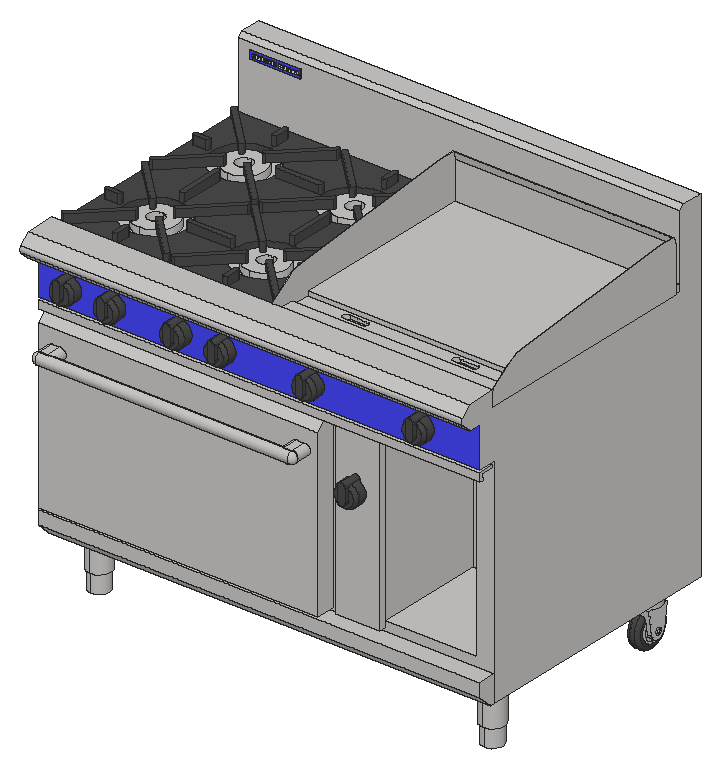
Revit family "QF_MOFFAT_BLUESEAL_CE_G58B", category Specialty Equipment, Revit 2012
Parameters
  Width = 1200 mm
  Weight in Pounds = 584
  Watts = 130 W
  Volts = 230 V
  URL Cutsheet = "www.moffat.com"
  URL = "www.moffat.com"
  Type Mark [instance] = ""
  Status [instance] = ""
  Specification by User [instance] = ""
  Specification by Manufacturer = ""
  Show Logo [instance] = yes
  Show Clearance [instance] = yes
  Show Casters [instance] = yes
  Serial Number = ""
  Seismic Rating = ""
  SMACNA No = ""
  Revision Code [instance] = ""
  Phase = 1
  Omniclass Number and Title = ""
  Number of Poles [instance] = 1
  NAFEM Spec ID Number = ""
  Model = "G58B"
  Min Ckt Ampacity = 0 A
  Mechanical Remarks = ""
  Mechanical Connection Type [instance] = ""
  Max Overcurrent Protection = 0 A
  Masterspec = ""
  Manufacturer = "MOFFAT BLUESEAL"
  Legs [instance] = not(Show Casters)  # no
  Item Number [instance] = ""
  Installed By [instance] = ""
  Identify Quantity as Lot [instance] = yes
  Height = 970 mm
  HP = ""
  Gas Size = 3/4"
  Gas RI Height [instance] = 0 mm
  Gas KW [instance] = 49
  Gas Input [instance] = 167000.0 Btu/h
  Gas Connection Height = 0 mm
  Furnished By [instance] = ""
  Foodservice Equipment Identifier [instance] = yes
  FL Amps = 0.6 A
  Electrical Remarks = ""
  Electric Connection Type = ""
  Elec Conn RI Height = 0 mm
  Elec Conn Connection Height = 0 mm
  Description = "1200MM GAS RANGE WITH CONVECTION OVEN"
  Depth = 812 mm
  Cycle = 60 Hz
  Conn Plug = ""
  Conn Conduit = yes
  CSI MasterFormat = ""
  CSI Master Format = ""
  Body Finish = QF_Finishes_Stainless Steel
  Apparent Power = 0 VA
Reference planes
  plane 1 "BACK": y = 0
  plane 2: z = 0
  plane 3 "LEFT": x = 0
  plane 4 "RIGHT": x = 1200
  plane 5 "FRONT": y = -812
  plane 6 "TOP": z = 970
  plane 7 "Center Y": x = 600
  plane 8 "Center X": y = -406
  plane 9: x = 280
  plane 10: y = -574.272
  plane 11: x = 60
  plane 12: y = -304.972
  plane 13: y = -364.972
  plane 14: x = 74
  plane 15: y = -812
  plane 16: x = 1134.5
  plane 17: y = -32
  plane 18: z = 655
  plane 19: x = 65.5
  plane 20: x = 65.8
  plane 21: z = 1085
  plane 22: y = -705
Forms (mm)
  Extrusion 1, solid, material "QF_Finishes_Stainless Steel" <- "Body Finish"
    sketch origin (0, 0, 0) x (0, 1, 0) y (0, 0, 1)
      loop
        line (0, 150) -> (0, 1085) -> (-57.5, 1085) -> (-70, 1072.5) -> (-70, 875) -> (-705, 875) -> (-705, 915) -> (-783.97, 915) -> (-808.49, 890.48)
        arc (-808.49, 890.48) -> (-812.002, 882) -> (-808.49, 873.52) r 11.993
        line (-808.49, 873.52) -> (-784.97, 850) -> (-749, 850) -> (-749, 740) -> (-699, 740) -> (-699, 150) -> (0, 150)
      loop
        line (-749, 222.5) -> (-749, 186) -> (-713.071, 150.071) -> (-703.2, 150.071) -> (-703.2, 222.5) -> (-749, 222.5)
      loop
        line (-749, 710) -> (-740.224, 710) -> (-742.613, 726.999) -> (-707.93, 726.999) -> (-707.93, 734.003) -> (-749, 734.003) -> (-749, 710)
    from 0 to 1200
  Extrusion 2, solid, material "QF_Finishes_Stainless Steel"
    sketch origin (0, 7, 0) x (0, 1, 0) y (0, 0, 1)
      loop
        line (-706, 700) -> (-732, 700) -> (-756, 676) -> (-756, 227.5) -> (-706, 227.5) -> (-706, 700)
    from 0 to 760
  Extrusion 3, solid, material "QF_Finishes_Stainless Steel"
    sketch origin (723.5, 7, 0) x (0, 1, 0) y (0, 0, 1)
      loop
        line (-706, 700) -> (-721, 700) -> (-721, 227.5) -> (-706, 227.5) -> (-706, 700)
    from 56.898 to 176.5
  Revolve 4, solid, material "QF_Finishes_Stainless Steel" <- "Body Finish"
    sketch origin (1134.5, -696.126, 0) x (0, 1, 0) y (0, 0, -1)
      loop
        line (39.376, -150) -> (71.126, -150) -> (71.126, 0) -> (43.626, 0) -> (43.626, -50) -> (39.376, -50) -> (39.376, -150)
      axis (71.126, -150) -> (71.126, 0)
    angle from 0 to 360
  Revolve 5, solid, material "QF_Finishes_Stainless Steel" <- "Body Finish"
    sketch origin (65.5, -696.126, 0) x (0, 1, 0) y (0, 0, 1)
      loop
        line (39.376, 150) -> (39.376, 50) -> (43.626, 50) -> (43.626, 0) -> (71.126, 0) -> (71.126, 150) -> (39.376, 150)
      axis (71.126, 150) -> (71.126, 0)
    angle from 0 to 360
  Extrusion 6, solid, material "QF_Finishes_Stainless Steel"
    sketch origin (-64.5, 0, 325) x (1, 0, 0) y (0, 1, 0)
      loop
        circle (1134.5, -32) r 10
    from 330 to 374.856
  Extrusion 7, void
    sketch origin (0, -703.73, 150) x (0, 0, -1) y (-1, 0, 0)
      loop
        line (-526, -900) -> (-526, -1150) -> (-96, -1150) -> (-96, -900) -> (-526, -900)
    from 0 to 304.8
  Extrusion 8, solid, material "QF_Finishes_Black"
    sketch origin (0, -70, 875) x (0, -1, 0) y (1, 0, 0)
      loop
        arc (1, 4) -> (1.879, 1.879) -> (4, 1) r 3
        line (4, 1) -> (632, 1)
        arc (632, 1) -> (634.121, 1.879) -> (635, 4) r 3
        line (635, 4) -> (635, 597)
        arc (635, 597) -> (634.121, 599.121) -> (632, 600) r 3
        line (632, 600) -> (4, 600)
        arc (4, 600) -> (1.879, 599.121) -> (1, 597) r 3
        line (1, 597) -> (1, 4)
      loop
        circle (167.5, 150) r 85
      loop
        circle (167.5, 450) r 85
      loop
        circle (467.768, 150) r 85
      loop
        circle (467.768, 450) r 85
    from 0 to 19.5
  Extrusion 9, solid, material "QF_Finishes_Black"
    sketch origin (0, -70, 894.5) x (0, -1, 0) y (1, 0, 0)
      loop
        spline (327.102, 15.153) -> (326.181, 13.924) -> (325.631, 12.47) -> (325.49, 10.89) -> (325.767, 9.292) -> (326.443, 7.786) -> (327.473, 6.473) -> (328.786, 5.443) -> (330.292, 4.767) -> (331.89, 4.49) -> (333.47, 4.631) -> (334.924, 5.181) -> (336.153, 6.102)
        line (336.153, 6.102) -> (444.076, 114.025)
        spline (444.076, 114.025) -> (444.837, 115.095) -> (445.238, 116.399) -> (445.251, 117.851) -> (444.875, 119.35) -> (444.137, 120.795) -> (443.086, 122.086) -> (441.795, 123.137) -> (440.35, 123.875) -> (438.851, 124.251) -> (437.399, 124.238) -> (436.095, 123.837) -> (435.025, 123.076)
        line (435.025, 123.076) -> (327.102, 15.153)
      loop
        line (611.398, 15.153) -> (503.475, 123.076)
        spline (503.475, 123.076) -> (502.405, 123.837) -> (501.101, 124.238) -> (499.649, 124.251) -> (498.15, 123.875) -> (496.705, 123.137) -> (495.414, 122.086) -> (494.363, 120.795) -> (493.625, 119.35) -> (493.249, 117.851) -> (493.262, 116.399) -> (493.663, 115.095) -> (494.424, 114.025)
        line (494.424, 114.025) -> (602.347, 6.102)
        spline (602.347, 6.102) -> (603.416, 5.341) -> (604.721, 4.941) -> (606.172, 4.928) -> (607.671, 5.303) -> (609.116, 6.041) -> (610.408, 7.092) -> (611.459, 8.384) -> (612.197, 9.829) -> (612.572, 11.328) -> (612.559, 12.779) -> (612.159, 14.084) -> (611.398, 15.153)
      loop
        spline (379.102, 143.6) -> (380.396, 143.818) -> (381.602, 144.457) -> (382.638, 145.475) -> (383.432, 146.8) -> (383.932, 148.344) -> (384.102, 150) -> (383.932, 151.656) -> (383.432, 153.2) -> (382.638, 154.525) -> (381.602, 155.543) -> (380.396, 156.182) -> (379.102, 156.4)
        line (379.102, 156.4) -> (259.398, 156.4)
        spline (259.398, 156.4) -> (258.104, 156.182) -> (256.898, 155.543) -> (255.862, 154.525) -> (255.068, 153.2) -> (254.568, 151.656) -> (254.398, 150) -> (254.568, 148.344) -> (255.068, 146.8) -> (255.862, 145.475) -> (256.898, 144.457) -> (258.104, 143.818) -> (259.398, 143.6)
        line (259.398, 143.6) -> (379.102, 143.6)
      loop
        spline (23.602, 15.153) -> (22.681, 13.924) -> (22.131, 12.47) -> (21.99, 10.89) -> (22.267, 9.292) -> (22.943, 7.786) -> (23.973, 6.473) -> (25.286, 5.443) -> (26.792, 4.767) -> (28.39, 4.49) -> (29.97, 4.631) -> (31.424, 5.181) -> (32.653, 6.102)
        line (32.653, 6.102) -> (140.576, 114.025)
        spline (140.576, 114.025) -> (141.337, 115.095) -> (141.738, 116.399) -> (141.751, 117.851) -> (141.375, 119.35) -> (140.637, 120.795) -> (139.586, 122.086) -> (138.295, 123.137) -> (136.85, 123.875) -> (135.351, 124.251) -> (133.899, 124.238) -> (132.595, 123.837) -> (131.525, 123.076)
        line (131.525, 123.076) -> (23.602, 15.153)
      loop
        line (311.398, 15.153) -> (203.475, 123.076)
        spline (203.475, 123.076) -> (202.405, 123.837) -> (201.101, 124.238) -> (199.649, 124.251) -> (198.15, 123.875) -> (196.705, 123.137) -> (195.414, 122.086) -> (194.363, 120.795) -> (193.625, 119.35) -> (193.249, 117.851) -> (193.262, 116.399) -> (193.663, 115.095) -> (194.424, 114.025)
        line (194.424, 114.025) -> (302.347, 6.102)
        spline (302.347, 6.102) -> (303.416, 5.341) -> (304.721, 4.941) -> (306.172, 4.928) -> (307.671, 5.303) -> (309.116, 6.041) -> (310.408, 7.092) -> (311.459, 8.384) -> (312.197, 9.829) -> (312.572, 11.328) -> (312.559, 12.779) -> (312.159, 14.084) -> (311.398, 15.153)
      loop
        line (327.102, 284.847) -> (435.025, 176.924)
        spline (435.025, 176.924) -> (436.095, 176.163) -> (437.399, 175.762) -> (438.851, 175.749) -> (440.35, 176.125) -> (441.795, 176.863) -> (443.086, 177.914) -> (444.137, 179.205) -> (444.875, 180.65) -> (445.251, 182.149) -> (445.238, 183.601) -> (444.837, 184.905) -> (444.076, 185.975)
        line (444.076, 185.975) -> (336.153, 293.898)
        spline (336.153, 293.898) -> (334.924, 294.819) -> (333.47, 295.369) -> (331.89, 295.51) -> (330.292, 295.233) -> (328.786, 294.557) -> (327.473, 293.527) -> (326.443, 292.214) -> (325.767, 290.708) -> (325.49, 289.11) -> (325.631, 287.53) -> (326.181, 286.076) -> (327.102, 284.847)
      loop
        spline (611.398, 284.847) -> (612.159, 285.916) -> (612.559, 287.221) -> (612.572, 288.672) -> (612.197, 290.171) -> (611.459, 291.616) -> (610.408, 292.908) -> (609.116, 293.959) -> (607.671, 294.697) -> (606.172, 295.072) -> (604.721, 295.059) -> (603.416, 294.659) -> (602.347, 293.898)
        line (602.347, 293.898) -> (494.424, 185.975)
        spline (494.424, 185.975) -> (493.663, 184.905) -> (493.262, 183.601) -> (493.249, 182.149) -> (493.625, 180.65) -> (494.363, 179.205) -> (495.414, 177.914) -> (496.705, 176.863) -> (498.15, 176.125) -> (499.649, 175.749) -> (501.101, 175.762) -> (502.405, 176.163) -> (503.475, 176.924)
        line (503.475, 176.924) -> (611.398, 284.847)
      loop
        spline (461.1, 241.898) -> (461.318, 240.604) -> (461.957, 239.398) -> (462.975, 238.362) -> (464.3, 237.568) -> (465.844, 237.068) -> (467.5, 236.898) -> (469.156, 237.068) -> (470.7, 237.568) -> (472.025, 238.362) -> (473.043, 239.398) -> (473.682, 240.604) -> (473.9, 241.898)
        line (473.9, 241.898) -> (473.9, 358.102)
        spline (473.9, 358.102) -> (473.682, 359.396) -> (473.043, 360.602) -> (472.025, 361.638) -> (470.7, 362.432) -> (469.156, 362.932) -> (467.5, 363.102) -> (465.844, 362.932) -> (464.3, 362.432) -> (462.975, 361.638) -> (461.957, 360.602) -> (461.318, 359.396) -> (461.1, 358.102)
        line (461.1, 358.102) -> (461.1, 241.898)
      loop
        line (23.602, 284.847) -> (131.525, 176.924)
        spline (131.525, 176.924) -> (132.595, 176.163) -> (133.899, 175.762) -> (135.351, 175.749) -> (136.85, 176.125) -> (138.295, 176.863) -> (139.586, 177.914) -> (140.637, 179.205) -> (141.375, 180.65) -> (141.751, 182.149) -> (141.738, 183.601) -> (141.337, 184.905) -> (140.576, 185.975)
        line (140.576, 185.975) -> (32.653, 293.898)
        spline (32.653, 293.898) -> (31.424, 294.819) -> (29.97, 295.369) -> (28.39, 295.51) -> (26.792, 295.233) -> (25.286, 294.557) -> (23.973, 293.527) -> (22.943, 292.214) -> (22.267, 290.708) -> (21.99, 289.11) -> (22.131, 287.53) -> (22.681, 286.076) -> (23.602, 284.847)
      loop
        spline (311.398, 284.847) -> (312.159, 285.916) -> (312.559, 287.221) -> (312.572, 288.672) -> (312.197, 290.171) -> (311.459, 291.616) -> (310.408, 292.908) -> (309.116, 293.959) -> (307.671, 294.697) -> (306.172, 295.072) -> (304.721, 295.059) -> (303.416, 294.659) -> (302.347, 293.898)
        line (302.347, 293.898) -> (194.424, 185.975)
        spline (194.424, 185.975) -> (193.663, 184.905) -> (193.262, 183.601) -> (193.249, 182.149) -> (193.625, 180.65) -> (194.363, 179.205) -> (195.414, 177.914) -> (196.705, 176.863) -> (198.15, 176.125) -> (199.649, 175.749) -> (201.101, 175.762) -> (202.405, 176.163) -> (203.475, 176.924)
        line (203.475, 176.924) -> (311.398, 284.847)
      loop
        spline (161.1, 241.898) -> (161.318, 240.604) -> (161.957, 239.398) -> (162.975, 238.362) -> (164.3, 237.568) -> (165.844, 237.068) -> (167.5, 236.898) -> (169.156, 237.068) -> (170.7, 237.568) -> (172.025, 238.362) -> (173.043, 239.398) -> (173.682, 240.604) -> (173.9, 241.898)
        line (173.9, 241.898) -> (173.9, 358.102)
        spline (173.9, 358.102) -> (173.682, 359.396) -> (173.043, 360.602) -> (172.025, 361.638) -> (170.7, 362.432) -> (169.156, 362.932) -> (167.5, 363.102) -> (165.844, 362.932) -> (164.3, 362.432) -> (162.975, 361.638) -> (161.957, 360.602) -> (161.318, 359.396) -> (161.1, 358.102)
        line (161.1, 358.102) -> (161.1, 241.898)
      loop
        line (379.102, 456.4) -> (259.398, 456.4)
        spline (259.398, 456.4) -> (258.104, 456.182) -> (256.898, 455.543) -> (255.862, 454.525) -> (255.068, 453.2) -> (254.568, 451.656) -> (254.398, 450) -> (254.568, 448.344) -> (255.068, 446.8) -> (255.862, 445.475) -> (256.898, 444.457) -> (258.104, 443.818) -> (259.398, 443.6)
        line (259.398, 443.6) -> (379.102, 443.6)
        spline (379.102, 443.6) -> (380.396, 443.818) -> (381.602, 444.457) -> (382.638, 445.475) -> (383.432, 446.8) -> (383.932, 448.344) -> (384.102, 450) -> (383.932, 451.656) -> (383.432, 453.2) -> (382.638, 454.525) -> (381.602, 455.543) -> (380.396, 456.182) -> (379.102, 456.4)
      loop
        spline (327.102, 315.153) -> (326.181, 313.924) -> (325.631, 312.47) -> (325.49, 310.89) -> (325.767, 309.292) -> (326.443, 307.786) -> (327.473, 306.473) -> (328.786, 305.443) -> (330.292, 304.767) -> (331.89, 304.49) -> (333.47, 304.631) -> (334.924, 305.181) -> (336.153, 306.102)
        line (336.153, 306.102) -> (444.076, 414.025)
        spline (444.076, 414.025) -> (444.837, 415.095) -> (445.238, 416.399) -> (445.251, 417.851) -> (444.875, 419.35) -> (444.137, 420.795) -> (443.086, 422.086) -> (441.795, 423.137) -> (440.35, 423.875) -> (438.851, 424.251) -> (437.399, 424.238) -> (436.095, 423.837) -> (435.025, 423.076)
        line (435.025, 423.076) -> (327.102, 315.153)
      loop
        line (611.398, 315.153) -> (503.475, 423.076)
        spline (503.475, 423.076) -> (502.405, 423.837) -> (501.101, 424.238) -> (499.649, 424.251) -> (498.15, 423.875) -> (496.705, 423.137) -> (495.414, 422.086) -> (494.363, 420.795) -> (493.625, 419.35) -> (493.249, 417.851) -> (493.262, 416.399) -> (493.663, 415.095) -> (494.424, 414.025)
        line (494.424, 414.025) -> (602.347, 306.102)
        spline (602.347, 306.102) -> (603.416, 305.341) -> (604.721, 304.941) -> (606.172, 304.928) -> (607.671, 305.303) -> (609.116, 306.041) -> (610.408, 307.092) -> (611.459, 308.384) -> (612.197, 309.829) -> (612.572, 311.328) -> (612.559, 312.779) -> (612.159, 314.084) -> (611.398, 315.153)
      loop
        spline (23.602, 315.153) -> (22.681, 313.924) -> (22.131, 312.47) -> (21.99, 310.89) -> (22.267, 309.292) -> (22.943, 307.786) -> (23.973, 306.473) -> (25.286, 305.443) -> (26.792, 304.767) -> (28.39, 304.49) -> (29.97, 304.631) -> (31.424, 305.181) -> (32.653, 306.102)
        line (32.653, 306.102) -> (140.576, 414.025)
        spline (140.576, 414.025) -> (141.337, 415.095) -> (141.738, 416.399) -> (141.751, 417.851) -> (141.375, 419.35) -> (140.637, 420.795) -> (139.586, 422.086) -> (138.295, 423.137) -> (136.85, 423.875) -> (135.351, 424.251) -> (133.899, 424.238) -> (132.595, 423.837) -> (131.525, 423.076)
        line (131.525, 423.076) -> (23.602, 315.153)
      loop
        line (311.398, 315.153) -> (203.475, 423.076)
        spline (203.475, 423.076) -> (202.405, 423.837) -> (201.101, 424.238) -> (199.649, 424.251) -> (198.15, 423.875) -> (196.705, 423.137) -> (195.414, 422.086) -> (194.363, 420.795) -> (193.625, 419.35) -> (193.249, 417.851) -> (193.262, 416.399) -> (193.663, 415.095) -> (194.424, 414.025)
        line (194.424, 414.025) -> (302.347, 306.102)
        spline (302.347, 306.102) -> (303.416, 305.341) -> (304.721, 304.941) -> (306.172, 304.928) -> (307.671, 305.303) -> (309.116, 306.041) -> (310.408, 307.092) -> (311.459, 308.384) -> (312.197, 309.829) -> (312.572, 311.328) -> (312.559, 312.779) -> (312.159, 314.084) -> (311.398, 315.153)
      loop
        line (327.102, 584.847) -> (435.025, 476.924)
        spline (435.025, 476.924) -> (436.095, 476.163) -> (437.399, 475.762) -> (438.851, 475.749) -> (440.35, 476.125) -> (441.795, 476.863) -> (443.086, 477.914) -> (444.137, 479.205) -> (444.875, 480.65) -> (445.251, 482.149) -> (445.238, 483.601) -> (444.837, 484.905) -> (444.076, 485.975)
        line (444.076, 485.975) -> (336.153, 593.898)
        spline (336.153, 593.898) -> (334.924, 594.819) -> (333.47, 595.369) -> (331.89, 595.51) -> (330.292, 595.233) -> (328.786, 594.557) -> (327.473, 593.527) -> (326.443, 592.214) -> (325.767, 590.708) -> (325.49, 589.11) -> (325.631, 587.53) -> (326.181, 586.076) -> (327.102, 584.847)
      loop
        spline (611.398, 584.847) -> (612.159, 585.916) -> (612.559, 587.221) -> (612.572, 588.672) -> (612.197, 590.171) -> (611.459, 591.616) -> (610.408, 592.908) -> (609.116, 593.959) -> (607.671, 594.697) -> (606.172, 595.072) -> (604.721, 595.059) -> (603.416, 594.659) -> (602.347, 593.898)
        line (602.347, 593.898) -> (494.424, 485.975)
        spline (494.424, 485.975) -> (493.663, 484.905) -> (493.262, 483.601) -> (493.249, 482.149) -> (493.625, 480.65) -> (494.363, 479.205) -> (495.414, 477.914) -> (496.705, 476.863) -> (498.15, 476.125) -> (499.649, 475.749) -> (501.101, 475.762) -> (502.405, 476.163) -> (503.475, 476.924)
        line (503.475, 476.924) -> (611.398, 584.847)
      loop
        line (23.602, 584.847) -> (131.525, 476.924)
        spline (131.525, 476.924) -> (132.595, 476.163) -> (133.899, 475.762) -> (135.351, 475.749) -> (136.85, 476.125) -> (138.295, 476.863) -> (139.586, 477.914) -> (140.637, 479.205) -> (141.375, 480.65) -> (141.751, 482.149) -> (141.738, 483.601) -> (141.337, 484.905) -> (140.576, 485.975)
        line (140.576, 485.975) -> (32.653, 593.898)
        spline (32.653, 593.898) -> (31.424, 594.819) -> (29.97, 595.369) -> (28.39, 595.51) -> (26.792, 595.233) -> (25.286, 594.557) -> (23.973, 593.527) -> (22.943, 592.214) -> (22.267, 590.708) -> (21.99, 589.11) -> (22.131, 587.53) -> (22.681, 586.076) -> (23.602, 584.847)
      loop
        spline (311.398, 584.847) -> (312.159, 585.916) -> (312.559, 587.221) -> (312.572, 588.672) -> (312.197, 590.171) -> (311.459, 591.616) -> (310.408, 592.908) -> (309.116, 593.959) -> (307.671, 594.697) -> (306.172, 595.072) -> (304.721, 595.059) -> (303.416, 594.659) -> (302.347, 593.898)
        line (302.347, 593.898) -> (194.424, 485.975)
        spline (194.424, 485.975) -> (193.663, 484.905) -> (193.262, 483.601) -> (193.249, 482.149) -> (193.625, 480.65) -> (194.363, 479.205) -> (195.414, 477.914) -> (196.705, 476.863) -> (198.15, 476.125) -> (199.649, 475.749) -> (201.101, 475.762) -> (202.405, 476.163) -> (203.475, 476.924)
        line (203.475, 476.924) -> (311.398, 584.847)
      loop
        spline (473.9, 592.104) -> (473.682, 593.398) -> (473.043, 594.604) -> (472.025, 595.64) -> (470.7, 596.434) -> (469.156, 596.934) -> (467.5, 597.104) -> (465.844, 596.934) -> (464.3, 596.434) -> (462.975, 595.64) -> (461.957, 594.604) -> (461.318, 593.398) -> (461.1, 592.104)
        line (461.1, 592.104) -> (461.1, 542.13)
        spline (461.1, 542.13) -> (461.318, 540.836) -> (461.957, 539.63) -> (462.975, 538.595) -> (464.3, 537.8) -> (465.844, 537.301) -> (467.5, 537.13) -> (469.156, 537.301) -> (470.7, 537.8) -> (472.025, 538.595) -> (473.043, 539.63) -> (473.682, 540.836) -> (473.9, 542.13)
        line (473.9, 542.13) -> (473.9, 592.104)
      loop
        spline (173.9, 592.104) -> (173.682, 593.398) -> (173.043, 594.604) -> (172.025, 595.64) -> (170.7, 596.434) -> (169.156, 596.934) -> (167.5, 597.104) -> (165.844, 596.934) -> (164.3, 596.434) -> (162.975, 595.64) -> (161.957, 594.604) -> (161.318, 593.398) -> (161.1, 592.104)
        line (161.1, 592.104) -> (161.1, 542.13)
        spline (161.1, 542.13) -> (161.318, 540.836) -> (161.957, 539.63) -> (162.975, 538.595) -> (164.3, 537.8) -> (165.844, 537.301) -> (167.5, 537.13) -> (169.156, 537.301) -> (170.7, 537.8) -> (172.025, 538.595) -> (173.043, 539.63) -> (173.682, 540.836) -> (173.9, 542.13)
        line (173.9, 542.13) -> (173.9, 592.104)
      loop
        spline (65.602, 143.6) -> (66.896, 143.818) -> (68.102, 144.457) -> (69.138, 145.475) -> (69.932, 146.8) -> (70.432, 148.344) -> (70.602, 150) -> (70.432, 151.656) -> (69.932, 153.2) -> (69.138, 154.525) -> (68.102, 155.543) -> (66.896, 156.182) -> (65.602, 156.4)
        line (65.602, 156.4) -> (29.398, 156.4)
        spline (29.398, 156.4) -> (28.104, 156.182) -> (26.898, 155.543) -> (25.862, 154.525) -> (25.068, 153.2) -> (24.568, 151.656) -> (24.398, 150) -> (24.568, 148.344) -> (25.068, 146.8) -> (25.862, 145.475) -> (26.898, 144.457) -> (28.104, 143.818) -> (29.398, 143.6)
        line (29.398, 143.6) -> (65.602, 143.6)
      loop
        spline (65.602, 443.6) -> (66.896, 443.818) -> (68.102, 444.457) -> (69.138, 445.475) -> (69.932, 446.8) -> (70.432, 448.344) -> (70.602, 450) -> (70.432, 451.656) -> (69.932, 453.2) -> (69.138, 454.525) -> (68.102, 455.543) -> (66.896, 456.182) -> (65.602, 456.4)
        line (65.602, 456.4) -> (29.398, 456.4)
        spline (29.398, 456.4) -> (28.104, 456.182) -> (26.898, 455.543) -> (25.862, 454.525) -> (25.068, 453.2) -> (24.568, 451.656) -> (24.398, 450) -> (24.568, 448.344) -> (25.068, 446.8) -> (25.862, 445.475) -> (26.898, 444.457) -> (28.104, 443.818) -> (29.398, 443.6)
        line (29.398, 443.6) -> (65.602, 443.6)
      loop
        spline (605.602, 143.6) -> (606.896, 143.818) -> (608.102, 144.457) -> (609.138, 145.475) -> (609.932, 146.8) -> (610.432, 148.344) -> (610.602, 150) -> (610.432, 151.656) -> (609.932, 153.2) -> (609.138, 154.525) -> (608.102, 155.543) -> (606.896, 156.182) -> (605.602, 156.4)
        line (605.602, 156.4) -> (569.398, 156.4)
        spline (569.398, 156.4) -> (568.104, 156.182) -> (566.898, 155.543) -> (565.862, 154.525) -> (565.068, 153.2) -> (564.568, 151.656) -> (564.398, 150) -> (564.568, 148.344) -> (565.068, 146.8) -> (565.862, 145.475) -> (566.898, 144.457) -> (568.104, 143.818) -> (569.398, 143.6)
        line (569.398, 143.6) -> (605.602, 143.6)
      loop
        spline (605.602, 443.6) -> (606.896, 443.818) -> (608.102, 444.457) -> (609.138, 445.475) -> (609.932, 446.8) -> (610.432, 448.344) -> (610.602, 450) -> (610.432, 451.656) -> (609.932, 453.2) -> (609.138, 454.525) -> (608.102, 455.543) -> (606.896, 456.182) -> (605.602, 456.4)
        line (605.602, 456.4) -> (569.398, 456.4)
        spline (569.398, 456.4) -> (568.104, 456.182) -> (566.898, 455.543) -> (565.862, 454.525) -> (565.068, 453.2) -> (564.568, 451.656) -> (564.398, 450) -> (564.568, 448.344) -> (565.068, 446.8) -> (565.862, 445.475) -> (566.898, 444.457) -> (568.104, 443.818) -> (569.398, 443.6)
        line (569.398, 443.6) -> (605.602, 443.6)
      loop
        line (460.626, 50.584) -> (460.626, 16.591)
        spline (460.626, 16.591) -> (460.844, 15.297) -> (461.483, 14.091) -> (462.501, 13.055) -> (463.826, 12.261) -> (465.37, 11.761) -> (467.026, 11.591) -> (468.682, 11.761) -> (470.226, 12.261) -> (471.551, 13.055) -> (472.569, 14.091) -> (473.208, 15.297) -> (473.426, 16.591)
        line (473.426, 16.591) -> (473.426, 50.584)
        spline (473.426, 50.584) -> (473.208, 51.878) -> (472.569, 53.084) -> (471.551, 54.119) -> (470.226, 54.914) -> (468.682, 55.413) -> (467.026, 55.584) -> (465.37, 55.413) -> (463.826, 54.914) -> (462.501, 54.119) -> (461.483, 53.084) -> (460.844, 51.878) -> (460.626, 50.584)
      loop
        line (160.11, 50.584) -> (160.11, 16.591)
        spline (160.11, 16.591) -> (160.328, 15.297) -> (160.967, 14.091) -> (161.984, 13.055) -> (163.31, 12.261) -> (164.853, 11.761) -> (166.51, 11.591) -> (168.166, 11.761) -> (169.71, 12.261) -> (171.035, 13.055) -> (172.052, 14.091) -> (172.692, 15.297) -> (172.91, 16.591)
        line (172.91, 16.591) -> (172.91, 50.584)
        spline (172.91, 50.584) -> (172.692, 51.878) -> (172.052, 53.084) -> (171.035, 54.119) -> (169.71, 54.914) -> (168.166, 55.413) -> (166.51, 55.584) -> (164.853, 55.413) -> (163.31, 54.914) -> (161.984, 54.119) -> (160.967, 53.084) -> (160.328, 51.878) -> (160.11, 50.584)
    from 0 to 23.5
  Revolve 10, solid, material "QF_Finishes_Black"
    sketch origin (750.113, 45.874, -0.118) x (0, 1, 0) y (0, 0, 1)
      loop
        line (-827.874, 829.5) -> (-838.874, 823.651) -> (-838.874, 797) -> (-794.874, 797) -> (-794.874, 802) -> (-804.874, 802) -> (-804.874, 829.5) -> (-827.874, 829.5)
      axis (-838.874, 797) -> (-794.874, 797)
    angle from 0 to 360
  Revolve 11, solid, material "QF_Finishes_Black"
    sketch origin (90.649, 45.874, -0.118) x (0, 1, 0) y (0, 0, -1)
      loop
        line (-827.874, -829.5) -> (-804.874, -829.5) -> (-804.874, -802) -> (-794.874, -802) -> (-794.874, -797) -> (-838.874, -797) -> (-838.874, -823.651) -> (-827.874, -829.5)
      axis (-838.874, -797) -> (-794.874, -797)
    angle from 0 to 360
  Revolve 12, solid, material "QF_Finishes_Black"
    sketch origin (210.649, 45.874, -0.118) x (0, 1, 0) y (0, 0, -1)
      loop
        line (-827.874, -829.5) -> (-804.874, -829.5) -> (-804.874, -802) -> (-794.874, -802) -> (-794.874, -797) -> (-838.874, -797) -> (-838.874, -823.651) -> (-827.874, -829.5)
      axis (-838.874, -797) -> (-794.874, -797)
    angle from 0 to 360
  Revolve 13, solid, material "QF_Finishes_Black"
    sketch origin (390.625, 45.874, -0.118) x (0, 1, 0) y (0, 0, -1)
      loop
        line (-827.874, -829.5) -> (-804.874, -829.5) -> (-804.874, -802) -> (-794.874, -802) -> (-794.874, -797) -> (-838.874, -797) -> (-838.874, -823.651) -> (-827.874, -829.5)
      axis (-838.874, -797) -> (-794.874, -797)
    angle from 0 to 360
  Revolve 14, solid, material "QF_Finishes_Black"
    sketch origin (510.625, 45.874, -0.118) x (0, 1, 0) y (0, 0, -1)
      loop
        line (-827.874, -829.5) -> (-804.874, -829.5) -> (-804.874, -802) -> (-794.874, -802) -> (-794.874, -797) -> (-838.874, -797) -> (-838.874, -823.651) -> (-827.874, -829.5)
      axis (-838.874, -797) -> (-794.874, -797)
    angle from 0 to 360
  Extrusion 15, solid, material "QF_Finishes_Black"
    sketch origin (238.456, 7, -0.118) x (-1, 0, 0) y (0, 0, -1)
      loop
        arc (158.3, -789) -> (148.3, -779) -> (138.3, -789) r 10
        line (138.3, -789) -> (138.3, -824)
        arc (138.3, -824) -> (148.3, -834) -> (158.3, -824) r 10
        line (158.3, -824) -> (158.3, -789)
    from 759 to 808
  Extrusion 16, solid, material "QF_Finishes_Black"
    sketch origin (358.456, 7, -0.118) x (-1, 0, 0) y (0, 0, -1)
      loop
        arc (158.3, -789) -> (148.3, -779) -> (138.3, -789) r 10
        line (138.3, -789) -> (138.3, -824)
        arc (138.3, -824) -> (148.3, -834) -> (158.3, -824) r 10
        line (158.3, -824) -> (158.3, -789)
    from 759 to 808
  Extrusion 17, solid, material "QF_Finishes_Black"
    sketch origin (538.432, 7, -0.118) x (-1, 0, 0) y (0, 0, -1)
      loop
        arc (158.3, -789) -> (148.3, -779) -> (138.3, -789) r 10
        line (138.3, -789) -> (138.3, -824)
        arc (138.3, -824) -> (148.3, -834) -> (158.3, -824) r 10
        line (158.3, -824) -> (158.3, -789)
    from 759 to 808
  Extrusion 18, solid, material "QF_Finishes_Black"
    sketch origin (658.432, 7, -0.118) x (-1, 0, 0) y (0, 0, -1)
      loop
        arc (158.3, -789) -> (148.3, -779) -> (138.3, -789) r 10
        line (138.3, -789) -> (138.3, -824)
        arc (138.3, -824) -> (148.3, -834) -> (158.3, -824) r 10
        line (158.3, -824) -> (158.3, -789)
    from 759 to 808
  Extrusion 19, solid, material "QF_Finishes_Black"
    sketch origin (897.92, 7, -0.118) x (-1, 0, 0) y (0, 0, -1)
      loop
        arc (158.3, -789) -> (148.3, -779) -> (138.3, -789) r 10
        line (138.3, -789) -> (138.3, -824)
        arc (138.3, -824) -> (148.3, -834) -> (158.3, -824) r 10
        line (158.3, -824) -> (158.3, -789)
    from 759 to 808
  Revolve 20, solid, material "QF_Finishes_Black"
    sketch origin (836.851, 80.874, -246.368) x (0, 1, 0) y (0, 0, 1)
      loop
        line (-827.874, 829.5) -> (-838.874, 823.651) -> (-838.874, 797) -> (-794.874, 797) -> (-794.874, 802) -> (-804.874, 802) -> (-804.874, 829.5) -> (-827.874, 829.5)
      axis (-838.874, 797) -> (-794.874, 797)
    angle from 0 to 360
  Extrusion 21, solid, material "QF_Finishes_Black"
    sketch origin (389.044, 42, -246.368) x (1, 0, 0) y (0, 0, 1)
      loop
        line (458.3, 789) -> (458.3, 824)
        arc (458.3, 824) -> (448.3, 834) -> (438.3, 824) r 10
        line (438.3, 824) -> (438.3, 789)
        arc (438.3, 789) -> (448.3, 779) -> (458.3, 789) r 10
    from 759 to 808
  Extrusion 22, solid, material "QF_Door-Drawer Clearances", visible <- "Show Clearance", detail levels coarse
    sketch origin (760, 7, 0) x (0, 1, 0) y (0, 0, 1)
      loop
        arc (-756, 697.347) -> (-1088.232, 559.732) -> (-1225.847, 227.5) r 469.847
        line (-1225.847, 227.5) -> (-756, 227.5) -> (-756, 697.347)
    from 0 to -760
  Extrusion 23, void
    sketch origin (0, 0, 150) x (-1, 0, 0) y (0, -1, 0)
      loop
        line (-1133.988, 87.26) -> (-1133.988, -30.24) -> (-1004.488, -30.24) -> (-1004.488, 38.76) -> (-1052.988, 87.26) -> (-1133.988, 87.26)
    from 72.5 to 549.856
  Extrusion 24, solid, material "QF_Finishes_Stainless Steel"
    sketch origin (0, -749, 227.5) x (0, 0, 1) y (-1, 0, 0)
      loop
        line (380.625, -38.246) -> (380.625, -58.528)
        arc (380.625, -58.528) -> (395.625, -73.528) -> (410.625, -58.528) r 15
        line (410.625, -58.528) -> (410.625, -38.246)
        arc (410.625, -38.246) -> (395.625, -23.246) -> (380.625, -38.246) r 15
      loop
        arc (380.625, -723.039) -> (395.625, -738.039) -> (410.625, -723.039) r 15
        line (410.625, -723.039) -> (410.625, -702.757)
        arc (410.625, -702.757) -> (395.625, -687.757) -> (380.625, -702.757) r 15
        line (380.625, -702.757) -> (380.625, -723.039)
    from 0 to 44
  Revolve 25, solid, material "QF_Finishes_Stainless Steel"
    sketch origin (0, -793, 0) x (1, 0, 0) y (0, 0, 1)
      loop
        arc (738.039, 623.125) -> (733.646, 633.732) -> (723.039, 638.125) r 15
        line (723.039, 638.125) -> (38.246, 638.125)
        arc (38.246, 638.125) -> (27.64, 633.732) -> (23.246, 623.125) r 15
        line (23.246, 623.125) -> (738.039, 623.125)
      axis (738.039, 623.125) -> (23.246, 623.125)
    angle from 0 to 360
  Extrusion 26, solid, material "QF_Finishes_Stainless Steel"
    sketch origin (0, -70, 875) x (0, -1, 0) y (1, 0, 0)
      loop
        circle (167.5, 450) r 57
      loop
        circle (467.5, 450) r 57
      loop
        circle (467.5, 150) r 57
      loop
        circle (167.5, 150) r 57
      loop
        circle (467.5, 150) r 22
      loop
        circle (467.5, 450) r 22
      loop
        circle (167.5, 450) r 22
      loop
        circle (167.5, 150) r 22
    from 0 to 19.5
  Extrusion 27, solid, material "QF_Finishes_Stainless Steel"
    sketch origin (0, 0, 0) x (1, 0, 0) y (0, 1, 0)
      loop
        circle (826, -501) r 6.35
    from 148.072 to 150
  Extrusion 28, solid, material "QF_Finishes_Stainless Steel", visible <- "Show Casters"
    sketch origin (71.501, 133.353, -8.783) x (0, 1, 0) y (0, 0, 1)
      loop
        line (-201.603, 118.783) -> (-265.103, 118.783) -> (-252.746, 53.895)
        arc (-252.746, 53.895) -> (-233.353, 38.783) -> (-213.959, 53.895) r 20
        line (-213.959, 53.895) -> (-201.603, 118.783)
    from -35.667 to 22.923
  Revolve 29, solid, material "QF_Finishes_Stainless Steel", visible <- "Show Casters"
    sketch origin (65, -203, 0) x (0, 1, 0) y (0, 0, 1)
      loop
        line (67.25, 150) -> (67.25, 110) -> (103, 110) -> (103, 150) -> (67.25, 150)
      axis (103, 150) -> (103, 110)
    angle from 0 to 360
  Revolve 30, solid, material "QF_Finishes_Stainless Steel", visible <- "Show Casters"
    sketch origin (1134.5, -203, 0) x (0, 1, 0) y (0, 0, -1)
      loop
        line (67.25, -150) -> (103, -150) -> (103, -110) -> (67.25, -110) -> (67.25, -150)
      axis (103, -150) -> (103, -110)
    angle from 0 to 360
  Revolve 31, solid, material "QF_Finishes_Stainless Steel", visible <- "Show Casters"
    sketch origin (1085.276, -99.755, -13.653) x (1, 0, 0) y (0, 0, 1)
      loop
        line (14.841, 64.453) -> (83.584, 64.453) -> (83.584, 67.958) -> (82.314, 69.228) -> (80.79, 69.228) -> (80.79, 72.674) -> (68.644, 72.674) -> (68.644, 82.639) -> (65.088, 84.692) -> (63.738, 93.028) -> (65.881, 93.028) -> (65.881, 99.378) -> (65.088, 99.378) -> (65.088, 105.728)
        arc (65.088, 105.728) -> (62.298, 112.463) -> (55.563, 115.253) r 9.525
        line (55.563, 115.253) -> (42.863, 115.253)
        arc (42.863, 115.253) -> (36.127, 112.463) -> (33.338, 105.728) r 9.525
        line (33.338, 105.728) -> (33.338, 99.378) -> (32.544, 99.378) -> (32.544, 93.028) -> (34.687, 93.028) -> (33.352, 84.781) -> (29.782, 82.719) -> (29.782, 72.674) -> (17.635, 72.674) -> (17.635, 69.228) -> (16.111, 69.228) -> (14.841, 67.958) -> (14.841, 64.453)
      axis (14.841, 64.453) -> (83.584, 64.453)
    angle from 0 to 360
  Extrusion 32, solid, material "QF_Finishes_Stainless Steel", visible <- "Show Casters"
    sketch origin (1141.001, 133.353, -8.783) x (0, 1, 0) y (0, 0, 1)
      loop
        line (-201.603, 118.783) -> (-265.103, 118.783) -> (-252.746, 53.895)
        arc (-252.746, 53.895) -> (-233.353, 38.783) -> (-213.959, 53.895) r 20
        line (-213.959, 53.895) -> (-201.603, 118.783)
    from -35.667 to 22.923
  Revolve 33, solid, material "QF_Finishes_Stainless Steel", visible <- "Legs"
    sketch origin (65, -165, 0) x (0, 1, 0) y (0, 0, 1)
      loop
        line (33.25, 150) -> (33.25, 50) -> (37.5, 50) -> (37.5, 0) -> (65, 0) -> (65, 150) -> (33.25, 150)
      axis (65, 150) -> (65, 0)
    angle from 0 to 360
  Revolve 34, solid, material "QF_Finishes_Stainless Steel", visible <- "Legs"
    sketch origin (1134.5, -165, 0) x (0, 1, 0) y (0, 0, -1)
      loop
        line (33.25, -150) -> (65, -150) -> (65, 0) -> (37.5, 0) -> (37.5, -50) -> (33.25, -50) -> (33.25, -150)
      axis (65, -150) -> (65, 0)
    angle from 0 to 360
  Revolve 35, solid, material "QF_Finishes_Stainless Steel", visible <- "Show Casters"
    sketch origin (114.224, -99.755, -13.653) x (-1, 0, 0) y (0, 0, -1)
      loop
        line (14.841, -64.453) -> (14.841, -67.958) -> (16.111, -69.228) -> (17.635, -69.228) -> (17.635, -72.674) -> (29.782, -72.674) -> (29.782, -82.719) -> (33.352, -84.781) -> (34.687, -93.028) -> (32.544, -93.028) -> (32.544, -99.378) -> (33.338, -99.378) -> (33.338, -105.728)
        arc (33.338, -105.728) -> (36.127, -112.463) -> (42.863, -115.253) r 9.525
        line (42.863, -115.253) -> (55.563, -115.253)
        arc (55.563, -115.253) -> (62.298, -112.463) -> (65.088, -105.728) r 9.525
        line (65.088, -105.728) -> (65.088, -99.378) -> (65.881, -99.378) -> (65.881, -93.028) -> (63.738, -93.028) -> (65.088, -84.692) -> (68.644, -82.639) -> (68.644, -72.674) -> (80.79, -72.674) -> (80.79, -69.228) -> (82.314, -69.228) -> (83.584, -67.958) -> (83.584, -64.453) -> (14.841, -64.453)
      axis (14.841, -64.453) -> (83.584, -64.453)
    angle from 0 to 360
  Revolve 36, solid, material "QF_Finishes_Black"
    sketch origin (1049.887, 45.874, -0.118) x (0, 1, 0) y (0, 0, 1)
      loop
        line (-827.874, 829.5) -> (-838.874, 823.651) -> (-838.874, 797) -> (-794.874, 797) -> (-794.874, 802) -> (-804.874, 802) -> (-804.874, 829.5) -> (-827.874, 829.5)
      axis (-838.874, 797) -> (-794.874, 797)
    angle from 0 to 360
  Extrusion 37, solid, material "QF_Finishes_Black"
    sketch origin (1197.694, 7, -0.118) x (-1, 0, 0) y (0, 0, -1)
      loop
        arc (158.3, -789) -> (148.3, -779) -> (138.3, -789) r 10
        line (138.3, -789) -> (138.3, -824)
        arc (138.3, -824) -> (148.3, -834) -> (158.3, -824) r 10
        line (158.3, -824) -> (158.3, -789)
    from 759 to 808
Cuts and joins
  Extrusion 7, Extrusion 23 cuts Extrusion 1
Lines and regions (mm)
  Split face 1
    outline origin (1200, 0, 1085) x (-1, 0, 0) y (0, -1, 0)
      loop
        arc (935.206, 45.185) -> (926.545, 40.185) -> (926.545, 30.185) r 10
        line (926.545, 30.185) -> (930.587, 23.185)
        arc (930.587, 23.185) -> (934.247, 19.525) -> (939.247, 18.185) r 10
        line (939.247, 18.185) -> (1167.206, 18.185)
        arc (1167.206, 18.185) -> (1175.866, 23.185) -> (1175.866, 33.185) r 10
        line (1175.866, 33.185) -> (1171.824, 40.185)
        arc (1171.824, 40.185) -> (1168.164, 43.845) -> (1163.164, 45.185) r 10
        line (1163.164, 45.185) -> (935.206, 45.185)
  Split face 2
    outline origin (1200, 0, 1085) x (-1, 0, 0) y (0, -1, 0)
      loop
        arc (635.206, 45.185) -> (626.545, 40.185) -> (626.545, 30.185) r 10
        line (626.545, 30.185) -> (630.587, 23.185)
        arc (630.587, 23.185) -> (634.247, 19.525) -> (639.247, 18.185) r 10
        line (639.247, 18.185) -> (867.206, 18.185)
        arc (867.206, 18.185) -> (875.866, 23.185) -> (875.866, 33.185) r 10
        line (875.866, 33.185) -> (871.824, 40.185)
        arc (871.824, 40.185) -> (868.164, 43.845) -> (863.164, 45.185) r 10
        line (863.164, 45.185) -> (635.206, 45.185)
  Split face 3
    outline origin (1200, 0, 1085) x (-1, 0, 0) y (0, -1, 0)
      loop
        arc (335.206, 45.185) -> (326.545, 40.185) -> (326.545, 30.185) r 10
        line (326.545, 30.185) -> (330.587, 23.185)
        arc (330.587, 23.185) -> (334.247, 19.525) -> (339.247, 18.185) r 10
        line (339.247, 18.185) -> (567.206, 18.185)
        arc (567.206, 18.185) -> (575.866, 23.185) -> (575.866, 33.185) r 10
        line (575.866, 33.185) -> (571.824, 40.185)
        arc (571.824, 40.185) -> (568.164, 43.845) -> (563.164, 45.185) r 10
        line (563.164, 45.185) -> (335.206, 45.185)
  Split face 4
    outline origin (1200, 0, 1085) x (-1, 0, 0) y (0, -1, 0)
      loop
        arc (35.206, 45.185) -> (26.545, 40.185) -> (26.545, 30.185) r 10
        line (26.545, 30.185) -> (30.587, 23.185)
        arc (30.587, 23.185) -> (34.247, 19.525) -> (39.247, 18.185) r 10
        line (39.247, 18.185) -> (267.206, 18.185)
        arc (267.206, 18.185) -> (275.866, 23.185) -> (275.866, 33.185) r 10
        line (275.866, 33.185) -> (271.824, 40.185)
        arc (271.824, 40.185) -> (268.164, 43.845) -> (263.164, 45.185) r 10
        line (263.164, 45.185) -> (35.206, 45.185)
  symbolic lines
    curve 1: line (0, 0, 0) -> (0, -812, 0)
    curve 2: line (1200, 0, 0) -> (0, 0, 0)
    curve 3: line (1200, -812, 0) -> (1200, 0, 0)
    curve 4: line (0, -70, 0) -> (1200, -70, 0)
    curve 5: line (1200, -812, 0) -> (0, -812, 0)
    curve 6: line (1200, -708.3, 0) -> (0, -708.3, 0)
    curve 7: line (0, -705, 0) -> (1200, -705, 0)
    curve 8: line (1200, -72.734, 0) -> (0, -72.734, 0)
    curve 9: arc (22.65, -812, 0) -> (34.104, -822.278, 0) -> (48.889, -826.544, 0) r 34.455
    curve 10: line (48.889, -826.544, 0) -> (718.108, -826.544, 0)
    curve 11: arc (718.108, -826.544, 0) -> (732.653, -822.647, 0) -> (743.3, -812, 0) r 29.089
    curve 12: line (6.08, -94.387, 0) -> (121.515, -209.822, 0)
    curve 13: line (293.92, -94.387, 0) -> (178.485, -209.822, 0)
    curve 14: line (6.83, -379.864, 0) -> (121.515, -265.178, 0)
    curve 15: line (292.516, -379.21, 0) -> (178.485, -265.178, 0)
    curve 16: line (362.78, -237.81, 0) -> (237.78, -237.81, 0)
    curve 17: line (362.78, -537.81, 0) -> (237.78, -537.81, 0)
    curve 18: line (6.08, -398.155, 0) -> (121.515, -510.089, 0)
    curve 19: line (293.92, -398.155, 0) -> (178.485, -510.089, 0)
    curve 20: line (9.883, -677.078, 0) -> (121.515, -565.446, 0)
    curve 21: line (291.622, -678.583, 0) -> (178.485, -565.446, 0)
    curve 22: arc (150, -294.5, 0) -> (207, -237.5, 0) -> (150, -180.5, 0) r 57
    curve 23: arc (150, -180.5, 0) -> (93, -237.5, 0) -> (150, -294.5, 0) r 57
    curve 24: arc (150, -594.5, 0) -> (207, -537.5, 0) -> (150, -480.5, 0) r 57
    curve 25: arc (150, -480.5, 0) -> (93, -537.5, 0) -> (150, -594.5, 0) r 57
    curve 26: line (306.08, -94.387, 0) -> (421.515, -209.822, 0)
    curve 27: line (593.92, -94.387, 0) -> (478.485, -209.822, 0)
    curve 28: line (307.269, -379.424, 0) -> (421.515, -265.178, 0)
    curve 29: line (592.673, -379.366, 0) -> (478.485, -265.178, 0)
    curve 30: line (597.78, -237.81, 0) -> (537.78, -237.81, 0)
    curve 31: arc (450, -294.5, 0) -> (507, -237.5, 0) -> (450, -180.5, 0) r 57
    curve 32: arc (450, -180.5, 0) -> (393, -237.5, 0) -> (450, -294.5, 0) r 57
    curve 33: line (306.08, -398.155, 0) -> (421.515, -510.089, 0)
    curve 34: line (593.92, -398.155, 0) -> (478.485, -510.089, 0)
    curve 35: line (308.378, -678.583, 0) -> (421.515, -565.446, 0)
    curve 36: line (593.555, -680.516, 0) -> (478.485, -565.446, 0)
    curve 37: line (149.618, -450.258, 0) -> (149.618, -325.258, 0)
    curve 38: line (449.618, -450.258, 0) -> (449.618, -325.258, 0)
    curve 39: line (597.78, -537.81, 0) -> (537.78, -537.81, 0)
    curve 40: line (149.197, -139.807, 0) -> (149.197, -94.807, 0)
    curve 41: line (149.197, -674.807, 0) -> (149.197, -634.807, 0)
    curve 42: line (449.197, -139.807, 0) -> (449.197, -94.807, 0)
    curve 43: line (449.197, -674.807, 0) -> (449.197, -634.807, 0)
    curve 44: line (49.678, -236.51, 0) -> (14.678, -236.51, 0)
    curve 45: line (49.678, -536.51, 0) -> (14.678, -536.51, 0)
    curve 46: arc (450, -594.5, 0) -> (507, -537.5, 0) -> (450, -480.5, 0) r 57
    curve 47: arc (450, -480.5, 0) -> (393, -537.5, 0) -> (450, -594.5, 0) r 57
    curve 51: arc (150, -322.5, 0) -> (65, -237.5, 0) -> (150, -152.5, 0) r 85
    curve 52: arc (150, -152.5, 0) -> (235, -237.5, 0) -> (150, -322.5, 0) r 85
    curve 53: arc (450, -322.5, 0) -> (365, -237.5, 0) -> (450, -152.5, 0) r 85
    curve 54: arc (450, -152.5, 0) -> (535, -237.5, 0) -> (450, -322.5, 0) r 85
    curve 55: arc (150, -452.768, 0) -> (235, -537.768, 0) -> (150, -622.768, 0) r 85
    curve 56: arc (150, -622.768, 0) -> (65, -537.768, 0) -> (150, -452.768, 0) r 85
    curve 57: arc (450, -622.768, 0) -> (365, -537.768, 0) -> (450, -452.768, 0) r 85
    curve 58: arc (450, -452.768, 0) -> (535, -537.768, 0) -> (450, -622.768, 0) r 85
    curve 59: line (300.232, -72.734, 0) -> (300.232, -705, 0)
    curve 60: line (0, -390.308, 0) -> (600, -390.308, 0)
    curve 61: line (600, -72.734, 0) -> (600, -705, 0)
    curve 62: arc (150, -215.5, 0) -> (172, -237.5, 0) -> (150, -259.5, 0) r 22
    curve 63: arc (150, -259.5, 0) -> (128, -237.5, 0) -> (150, -215.5, 0) r 22
    curve 64: arc (450, -215.5, 0) -> (472, -237.5, 0) -> (450, -259.5, 0) r 22
    curve 65: arc (450, -259.5, 0) -> (428, -237.5, 0) -> (450, -215.5, 0) r 22
    curve 66: arc (150, -515.5, 0) -> (172, -537.5, 0) -> (150, -559.5, 0) r 22
    curve 67: arc (150, -559.5, 0) -> (128, -537.5, 0) -> (150, -515.5, 0) r 22
    curve 68: arc (450, -515.5, 0) -> (472, -537.5, 0) -> (450, -559.5, 0) r 22
    curve 69: arc (450, -559.5, 0) -> (428, -537.5, 0) -> (450, -515.5, 0) r 22
    curve 70: line (1160.753, -18.185, 0) -> (932.794, -18.185, 0)
    curve 71: arc (932.794, -18.185, 0) -> (924.134, -23.185, 0) -> (924.134, -33.185, 0) r 10
    curve 72: line (924.134, -33.185, 0) -> (928.176, -40.185, 0)
    curve 73: arc (928.176, -40.185, 0) -> (931.836, -43.845, 0) -> (936.836, -45.185, 0) r 10
    curve 74: line (936.836, -45.185, 0) -> (1164.794, -45.185, 0)
    curve 75: arc (1164.794, -45.185, 0) -> (1173.455, -40.185, 0) -> (1173.455, -30.185, 0) r 10
    curve 76: line (1173.455, -30.185, 0) -> (1169.413, -23.185, 0)
    curve 77: arc (1169.413, -23.185, 0) -> (1165.753, -19.525, 0) -> (1160.753, -18.185, 0) r 10
    curve 78: line (632.794, -18.185, 0) -> (860.753, -18.185, 0)
    curve 79: arc (860.753, -18.185, 0) -> (865.753, -19.525, 0) -> (869.413, -23.185, 0) r 10
    curve 80: line (869.413, -23.185, 0) -> (873.455, -30.185, 0)
    curve 81: arc (873.455, -30.185, 0) -> (873.455, -40.185, 0) -> (864.794, -45.185, 0) r 10
    curve 82: line (864.794, -45.185, 0) -> (636.836, -45.185, 0)
    curve 83: arc (636.836, -45.185, 0) -> (631.836, -43.845, 0) -> (628.176, -40.185, 0) r 10
    curve 84: line (628.176, -40.185, 0) -> (624.134, -33.185, 0)
    curve 85: arc (624.134, -33.185, 0) -> (624.134, -23.185, 0) -> (632.794, -18.185, 0) r 10
    curve 86: line (332.794, -18.185, 0) -> (560.753, -18.185, 0)
    curve 87: arc (560.753, -18.185, 0) -> (565.753, -19.525, 0) -> (569.413, -23.185, 0) r 10
    curve 88: line (569.413, -23.185, 0) -> (573.455, -30.185, 0)
    curve 89: arc (573.455, -30.185, 0) -> (573.455, -40.185, 0) -> (564.794, -45.185, 0) r 10
    curve 90: line (564.794, -45.185, 0) -> (336.836, -45.185, 0)
    curve 91: arc (336.836, -45.185, 0) -> (331.836, -43.845, 0) -> (328.176, -40.185, 0) r 10
    curve 92: line (328.176, -40.185, 0) -> (324.134, -33.185, 0)
    curve 93: arc (324.134, -33.185, 0) -> (324.134, -23.185, 0) -> (332.794, -18.185, 0) r 10
    curve 94: line (260.753, -18.185, 0) -> (32.794, -18.185, 0)
    curve 95: arc (32.794, -18.185, 0) -> (24.134, -23.185, 0) -> (24.134, -33.185, 0) r 10
    curve 96: line (24.134, -33.185, 0) -> (28.176, -40.185, 0)
    curve 97: arc (28.176, -40.185, 0) -> (31.836, -43.845, 0) -> (36.836, -45.185, 0) r 10
    curve 98: line (36.836, -45.185, 0) -> (264.794, -45.185, 0)
    curve 99: arc (264.794, -45.185, 0) -> (273.455, -40.185, 0) -> (273.455, -30.185, 0) r 10
    curve 100: line (273.455, -30.185, 0) -> (269.413, -23.185, 0)
    curve 101: arc (269.413, -23.185, 0) -> (265.753, -19.525, 0) -> (260.753, -18.185, 0) r 10
    curve 102: line (0, -783.97, 0) -> (1200, -783.97, 0)
    curve 103: line (0, -57.5, 0) -> (1200, -57.5, 0)
  symbolic lines, style "QF_Door-Drawer Clearances", visible <- "Show Clearance"
    curve 48: line (0, -1218.847, 0) -> (760, -1218.847, 0)
    curve 49: line (760, -1218.847, 0) -> (760, -812, 0)
    curve 50: line (0, -1218.847, 0) -> (0, -812, 0)
Dimensions and locks
  equal spacing: plane 3 "LEFT", plane 7 "Center Y", plane 4 "RIGHT"
  "Width": plane 3 "LEFT" to plane 4 "RIGHT"
  equal spacing: plane 5 "FRONT", plane 8 "Center X", plane 1 "BACK"
  plane 5 "FRONT" to plane 1 "BACK" = 812 mm  (x2)
  equal spacing: plane 4 "RIGHT", plane 7 "Center Y", plane 3 "LEFT"
  plane 4 "RIGHT" to plane 3 "LEFT" = 1200 mm
  "Height": plane 6 "TOP" to level
  plane 10 to plane 1 "BACK" = 574.272 mm
  plane 12 to plane 1 "BACK" = 304.972 mm  (x2)
  plane 11 to plane 3 "LEFT" = 60 mm
  plane 14 to plane 3 "LEFT" = 74 mm
  plane 9 to plane 3 "LEFT" = 280 mm
  "Depth": plane 1 "BACK" to plane 15
  plane 5 "FRONT" to plane 15 = 0 mm
  plane 6 "TOP" to plane 2 = 970 mm
  plane 2 to Extrusion 1 sketch curve = 875 mm
  locked: plane 2 to Extrusion 1 sketch curve at 915
  locked: plane 4 "RIGHT" to plane 16 at 65.5
  Extrusion 8 sketch curve to plane 20 = 64.8 mm
  Extrusion 27 sketch curve to plane 4 "RIGHT" = 374 mm
  Extrusion 27 sketch curve to plane 1 "BACK" = 501 mm
  plane 21 to level = 1085 mm
  Revolve 31 sketch curve to Revolve 31 sketch curve = 50.8 mm
  Revolve 35 sketch curve to Revolve 35 sketch curve = 50.8 mm
  aligned and locked: level to plane 2
  aligned and locked: curve 3 to plane 4 "RIGHT"
  aligned and locked: Extrusion 1 to plane 4 "RIGHT"
  aligned and locked: plane 16 to Revolve 4
  aligned and locked: Extrusion 22 to Extrusion 2
Automatic sketch dimensions
  curve 22 to curve 52 = 0 mm
  curve 23 to curve 52 = 0 mm
  curve 23 to curve 62 = 0 mm
  curve 24 to curve 66 = 0 mm
  curve 24 to curve 67 = 0 mm
  curve 31 to curve 54 = 0 mm
  curve 32 to curve 65 = 0 mm
  curve 47 to curve 69 = 0 mm  (x2)
  curve 51 to curve 63 = 0 mm
  curve 53 to curve 64 = 0 mm
  curve 54 to curve 65 = 0 mm
  plane 1 "BACK" to curve 1 = 0 mm
  curve 1 to plane 3 "LEFT" = 0 mm
  plane 5 "FRONT" to curve 9 = 0 mm
  plane 22 to curve 59 = 0 mm
  curve 61 to plane 7 "Center Y" = 0 mm
  plane 3 "LEFT" to curve 18 = 6.08 mm
  plane 3 "LEFT" to curve 12 = 6.08 mm
  plane 3 "LEFT" to curve 14 = 6.83 mm
  plane 3 "LEFT" to curve 20 = 9.883 mm
  plane 3 "LEFT" to curve 45 = 14.678 mm
  plane 3 "LEFT" to curve 44 = 14.678 mm
  plane 3 "LEFT" to curve 9 = 22.65 mm
  curve 96 to plane 17 = 1.185 mm
  plane 3 "LEFT" to curve 96 = 24.134 mm
  curve 95 to curve 97 = 4.041 mm
  curve 95 to curve 94 = 8.66 mm
  curve 97 to curve 97 = 8.66 mm
  curve 10 to plane 11 = 11.111 mm
  curve 44 to plane 11 = 10.322 mm
  curve 45 to plane 11 = 10.322 mm
  curve 9 to plane 11 = 9.192 mm
  plane 14 to curve 18 = 47.515 mm
  plane 10 to curve 20 = 8.826 mm
  plane 14 to curve 20 = 47.515 mm
  plane 14 to curve 14 = 47.515 mm
  plane 14 to curve 12 = 47.515 mm
  plane 14 to curve 40 = 75.197 mm
  curve 41 to plane 22 = 30.193 mm
  plane 14 to curve 41 = 75.197 mm
  curve 37 to plane 12 = 20.285 mm
  curve 14 to curve 37 = 28.103 mm
  curve 40 to curve 22 = 0.803 mm
  curve 18 to curve 24 = 28.485 mm
  curve 37 to curve 56 = 0.382 mm
  plane 10 to curve 21 = 8.826 mm
  curve 66 to curve 21 = 28.485 mm
  curve 66 to curve 19 = 28.485 mm
  plane 12 to curve 15 = 39.794 mm
  curve 62 to curve 15 = 28.485 mm
  curve 62 to curve 13 = 28.485 mm
  curve 16 to plane 9 = 42.22 mm
  curve 17 to plane 9 = 42.22 mm
  curve 94 to plane 9 = 19.247 mm
  curve 99 to plane 9 = 15.206 mm
  curve 101 to curve 101 = 8.66 mm
  plane 17 to curve 99 = 1.815 mm
  curve 99 to plane 9 = 6.545 mm
  plane 9 to curve 21 = 11.622 mm
  plane 9 to curve 15 = 12.516 mm
  plane 9 to curve 13 = 13.92 mm
  plane 9 to curve 19 = 13.92 mm
  plane 9 to curve 59 = 20.232 mm
  curve 13 to curve 26 = 12.16 mm
  plane 8 "Center X" to curve 33 = 7.845 mm
  curve 19 to curve 33 = 12.16 mm
  curve 15 to curve 28 = 14.753 mm
  curve 21 to curve 35 = 16.756 mm
  curve 92 to plane 17 = 1.185 mm
  plane 9 to curve 92 = 44.134 mm
  curve 92 to plane 17 = 8.185 mm
  curve 92 to curve 92 = 4.041 mm
  plane 17 to curve 86 = 13.815 mm
  curve 93 to curve 86 = 8.66 mm
  curve 91 to curve 91 = 8.66 mm
  plane 9 to curve 16 = 82.78 mm
  plane 10 to curve 17 = 36.462 mm
  plane 9 to curve 17 = 82.78 mm
  plane 10 to curve 35 = 8.826 mm
  curve 17 to curve 35 = 58.735 mm
  curve 16 to curve 26 = 58.735 mm
  plane 12 to curve 28 = 39.794 mm
  curve 28 to curve 26 = 0 mm
  plane 10 to curve 33 = 64.183 mm
  curve 33 to curve 35 = 0 mm
  curve 43 to plane 22 = 30.193 mm
  curve 35 to curve 43 = 27.682 mm
  curve 26 to curve 42 = 27.682 mm
  curve 38 to plane 12 = 20.285 mm
  curve 28 to curve 38 = 28.103 mm
  curve 43 to curve 57 = 0.803 mm
  curve 42 to curve 53 = 0.803 mm
  curve 46 to curve 57 = 0 mm
  curve 68 to curve 34 = 28.485 mm
  plane 10 to curve 36 = 8.826 mm
  curve 68 to curve 36 = 28.485 mm
  curve 64 to curve 27 = 28.485 mm
  plane 12 to curve 29 = 39.794 mm
  curve 64 to curve 29 = 28.485 mm
  curve 30 to plane 7 "Center Y" = 62.22 mm
  curve 39 to plane 7 "Center Y" = 62.22 mm
  curve 86 to plane 7 "Center Y" = 39.247 mm
  curve 87 to curve 90 = 4.041 mm
  curve 87 to curve 87 = 8.66 mm
  plane 17 to curve 88 = 1.815 mm
  curve 87 to curve 88 = 4.041 mm
  curve 29 to plane 7 "Center Y" = 7.327 mm
  curve 36 to plane 7 "Center Y" = 6.445 mm
  curve 27 to plane 7 "Center Y" = 6.08 mm
  curve 34 to plane 7 "Center Y" = 6.08 mm
  curve 39 to plane 7 "Center Y" = 2.22 mm
  curve 30 to plane 7 "Center Y" = 2.22 mm
  curve 85 to plane 17 = 1.185 mm
  plane 7 "Center Y" to curve 85 = 24.134 mm
  curve 84 to plane 17 = 8.185 mm
  curve 85 to curve 84 = 4.041 mm
  plane 17 to curve 85 = 3.815 mm
  curve 85 to curve 85 = 8.66 mm
  curve 83 to curve 83 = 8.66 mm
  curve 79 to curve 81 = 4.041 mm  (x2)
  plane 17 to curve 80 = 8.815 mm
  curve 79 to curve 80 = 8.66 mm
  plane 17 to curve 81 = 1.815 mm
  curve 72 to plane 17 = 1.185 mm
  curve 80 to curve 72 = 50.679 mm
  curve 71 to curve 73 = 4.041 mm
  curve 71 to curve 71 = 8.66 mm
  curve 73 to curve 74 = 8.66 mm
  plane 17 to curve 70 = 13.815 mm
  plane 16 to curve 70 = 26.253 mm
  curve 75 to plane 17 = 3.185 mm
  curve 77 to curve 75 = 4.041 mm  (x2)
  curve 77 to curve 77 = 8.66 mm
  plane 17 to curve 75 = 1.815 mm
  plane 5 "FRONT" to curve 9 = 14.544 mm
  curve 50 to curve 9 = 392.303 mm
  curve 102 to plane 5 "FRONT" = 28.03 mm
  plane 22 to curve 6 = 3.3 mm
  curve 36 to plane 22 = 24.484 mm
  curve 35 to plane 22 = 26.417 mm
  curve 21 to curve 35 = 0 mm
  curve 20 to plane 22 = 27.922 mm
  curve 41 to curve 41 = 40 mm
  curve 43 to curve 43 = 40 mm
  curve 43 to curve 58 = 12.039 mm
  curve 41 to curve 56 = 12.039 mm
  curve 46 to plane 10 = 20.228 mm
  curve 25 to plane 10 = 20.228 mm
  plane 10 to curve 68 = 14.772 mm
  plane 10 to curve 66 = 14.772 mm
  plane 10 to curve 39 = 36.462 mm
  curve 66 to curve 55 = 21.732 mm
  curve 68 to curve 58 = 21.732 mm
  curve 57 to curve 46 = 0.268 mm
  curve 55 to curve 66 = 0.268 mm
  plane 10 to curve 45 = 37.763 mm
  curve 67 to curve 18 = 5.411 mm
  curve 68 to curve 34 = 5.411 mm
  curve 66 to curve 19 = 5.411 mm
  curve 56 to curve 37 = 2.51 mm
  curve 57 to curve 38 = 2.51 mm
  plane 8 "Center X" to curve 18 = 7.845 mm
  plane 8 "Center X" to curve 34 = 7.845 mm
  plane 8 "Center X" to curve 19 = 7.845 mm
  curve 18 to curve 60 = 7.846 mm
  curve 60 to curve 14 = 10.445 mm
  curve 28 to plane 13 = 14.452 mm
  curve 60 to curve 29 = 10.943 mm
  curve 15 to plane 13 = 14.238 mm
  curve 38 to curve 54 = 2.758 mm
  curve 37 to curve 51 = 2.758 mm
  plane 12 to curve 32 = 10.472 mm
  plane 12 to curve 22 = 10.472 mm
  plane 12 to curve 14 = 39.794 mm
  curve 29 to curve 65 = 5.678 mm
  curve 14 to curve 63 = 5.678 mm
  curve 15 to curve 16 = 27.368 mm
  curve 29 to curve 30 = 27.368 mm
  curve 64 to curve 53 = 22 mm
  curve 62 to curve 62 = 22 mm
  plane 12 to curve 44 = 68.463 mm
  curve 62 to curve 13 = 5.678 mm
  curve 63 to curve 12 = 5.678 mm
  curve 64 to curve 27 = 5.678 mm
  curve 65 to curve 26 = 5.678 mm
  curve 51 to curve 40 = 12.693 mm
  curve 54 to curve 42 = 12.693 mm
  curve 40 to curve 40 = 45 mm
  curve 42 to curve 42 = 45 mm
  curve 26 to curve 92 = 54.201 mm
  curve 27 to plane 17 = 62.387 mm
  curve 13 to curve 26 = 0 mm
  curve 12 to plane 17 = 62.387 mm
  curve 26 to curve 59 = 21.653 mm
  curve 8 to curve 4 = 2.734 mm
  curve 4 to curve 103 = 12.5 mm
  curve 90 to curve 91 = 5 mm
  curve 98 to plane 17 = 13.185 mm
  curve 83 to curve 83 = 5 mm
  curve 96 to curve 95 = 7 mm
  curve 72 to curve 71 = 7 mm
  plane 17 to curve 101 = 3.815 mm
  plane 17 to curve 95 = 3.815 mm
